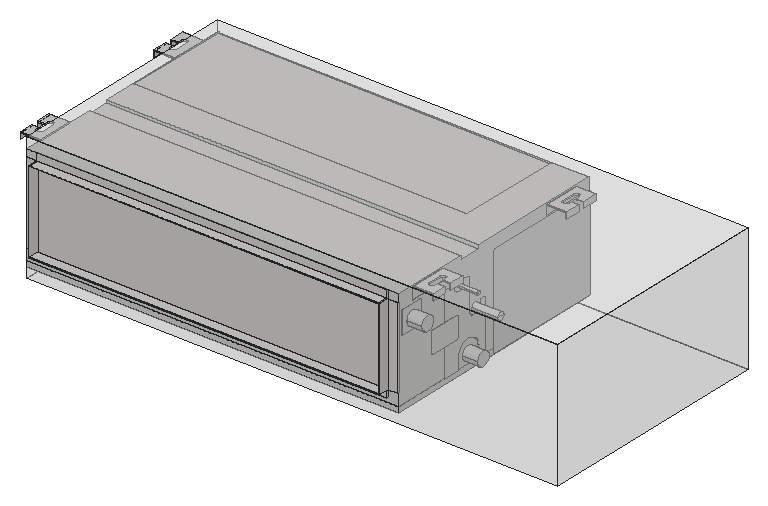
Revit family "outputfile", category 機械設備, Revit 2024
Family settings
  丸型コネクタ寸法 = 半径を使用
  パーツ タイプ = 標準
  OmniClass 番号 = 23.75.10.24.21.27.27
  OmniClass タイトル = Split System Air Conditioning Units
  作業面ベース = いいえ
  常に垂直 = はい
  ロード時にボイドで切り取り = いいえ
  注釈の向きを維持 = いいえ
  共有 = いいえ
  部屋計算ポイント = はい
Parameters (values of type "FPDQ40APV1")
  Description = ""
  書き出し IFC クラス(タイプ) = "IfcUnitaryEquipmentType"
  定義済み IFC タイプ(タイプ) = "AIRCONDITIONINGUNIT"
  Cost = 0
  Type Comments = ""
  Keynote = ""
  Type Image = (empty or 0)
  Assembly Code = ""
  w_RA Duct Size = RA Duct Size Width + 34.0 mm  # 630.0 mm
  r_HP/LP Gas Pipe Size = 4.75 mm
  lw_HP/LP Gas Pipe Size = 60.0 mm  # constant formula
  lh_HP/LP Gas Pipe Size = -103.0 mm
  ld_mountinghole = 67.5 mm  # constant formula
  ld_HP/LP Gas Pipe Size = 131.0 mm
  製造元 = "Daikin"
  モデル = "FPDQ40APV1"
  w_pipe = 33.0 mm
  r_Liquid Pipe Size = Liquid Pipe Size / 2  # 3.2 mm
  r_Gas Pipe Size = Gas Pipe Size / 2  # 6.35 mm
  r_Drain Pipe Size = Drain Pipe Size / 2  # 13.0 mm
  lw_powersupply = 49.5 mm
  lh_suctionflange [instance] = if(Rear Connection_Return Air, 100.0 mm + [h***], 190.0 mm + [h***])  # 100.0 mm
  ld_suctionflange [instance] = if(Rear Connection_Return Air, 190.0 mm, 100.0 mm)  # 190.0 mm
  ld_powersupply = 60.0 mm
  angle_vertical_RA [instance] = if(Rear Connection_Return Air, 90.00°, 0.00°)  # 90.00°
  angle horizontal_RA [instance] = if(Rear Connection_Return Air, 180.00°, 270.00°)  # 180.00°
  Voltage_comment_50Hz = "220 - 240"
  Voltage_50Hz = 230 V
  URL = ""
  Supply Air Direction [instance] = yes
  Sound Power Level_H speed (dB) = 0
  Rear Connection_Return Air [instance] = not(Bottom Connection_Return Air)  # yes
  RA_length = 190.0 mm  # constant formula
  Phase_50Hz = 1
  Minimum External Static Pressure = 10.00 Pa
  Minimum Circuit Amps_50Hz = 0.7 A
  Maximum Fuse Amps_50Hz = 16.0 A
  Maximum External Static Pressure = 30.00 Pa
  Material_Casing = DAIKIN_GalvanizedSteel_Casing_indoorunit
  lw_liquidpipe = 39.0 mm  # constant formula
  lw_gaspipe = 50.5 mm  # constant formula
  lw_mountinghole_pitch = Width + 40.0 mm  # 740.0 mm
  lw_mountinghole = 20.0 mm  # constant formula
  lw_drainpipe = 33.0 mm  # constant formula
  lh_powersupply = 20.0 mm
  lh_liquidpipe = 154.5 mm
  lh_gaspipe = 102.0 mm
  lh_mountinghole = Height + [h***]  # 200.0 mm
  lh_drainpipe = 50.0 mm
  lh_antena = 1.0 mm  # constant formula
  ld_liquidpipe = 141.0 mm
  ld_gaspipe = 178.5 mm  # constant formula
  ld_mountinghole_pitch = 315.0 mm  # constant formula
  ld_drainpipe = 422.0 mm  # constant formula
  ld_controlbox = 626.0 mm  # constant formula
  h*** = 0.0 mm  # constant formula
  d_dischargeflange = 22.2 mm  # constant formula
  Width = 700.0 mm
  Version = "ver.1.0"
  Unit Type = "Compact Ceiling Mounted Duct Type"
  Unit Mass Weight = 17.00 kg
  Unit Designation [instance] = ""
  Uniclass2015Version = "Products v1.30"
  Uniclass2015Title = "Variable refrigerant flow units"
  Uniclass2015Code = "Pr_70_65_03_94"
  Total Cooling Capacity [instance] = 0.000 kW
  Sound Pressure Level_M speed (dBA) = 31
  Sound Pressure Level_L speed (dBA) = 29
  Sound Pressure Level_H speed (dBA) = 33
  Series = "VRV HOME_Fan Coil Unit"
  Sensible Cooling Capacity [instance] = 0.000 kW
  SA Duct Size Width = 660.0 mm
  SA Duct Size Height = 153.0 mm
  Refrigerant Type = "R410A"
  RA Duct Size Width = 596.0 mm
  RA Duct Size Height = 172.0 mm
  Power Input (Cooling) = 0.093 kW
  Option Accessory 3 [instance] = ""
  Option Accessory 2 [instance] = ""
  Option Accessory 1 [instance] = ""
  Nominal Cooling Capacity = 4.500 kW
  Minimum Airflow = 540.00 m³/h
  Median Airflow = 600.00 m³/h
  Maximum Airflow = 690.00 m³/h
  Load Classification = HVAC
  Liquid Pipe Size = 6.4 mm
  Link_Nested Family [instance] = ""
  IfcVersion = ""
  IfcExportType = "AIRCONDITIONINGUNIT"
  IfcExportAs = "IfcUnitaryEquipmentType"
  Height = 200.0 mm
  Heat Exchanger Type = "Cross Fin Coil"
  Gas Pipe Size = 12.7 mm
  Frequency_50Hz = 50 Hz
  Fan Type = "Sirocco Fan"
  Fan Drive = "Direct Drive"
  FCU Tag No. [instance] = ""
  Drain Pipe Size = 26.0 mm
  Design Supply Airflow [instance] = 0.00 m³/h
  Design Return Airflow [instance] = 0.00 m³/h
  Design External Static Pressure [instance] = 0.00 Pa
  Depth = 450.0 mm
  既定の高さ = 0.0 mm
  Cooling Entering Wet Bulb Temperature [instance] = 0.00 °C
  Cooling Entering Dry Bulb Temperature [instance] = 0.00 °C
  Cooling Ambient Wet Bulb Temperature [instance] = 0.00 °C
  Cooling Ambient Dry Bulb Temperature [instance] = 0.00 °C
  Clearance visibility [instance] = yes
  Clearance Top = 20.0 mm
  Clearance Right = 300.0 mm
  Clearance Rear = 0.0 mm
  Clearance Left = 0.0 mm
  Clearance Front = 0.0 mm
  Clearance Bottom = 20.0 mm
  Bottom Connection_Return Air [instance] = no
Reference planes
  plane 1 "Center (Front/Back)": y = 0
  plane 2: z = 0
  plane 3 "Center (Left/Right)": x = 0
  plane 4 "Back": y = 225
  plane 5 "Front": y = -225
  plane 6 "Left": x = -350
  plane 7 "Right": x = 350
  plane 8 "Top": z = 0
  plane 9 "Bottom": z = -200
  plane 10: x = 325
  plane 11: x = -330
  plane 12: z = -180
  plane 13: z = -6
  plane 14: z = -22
  plane 15: z = -45.5
  plane 16: z = -98
  plane 17: x = -304
  plane 18: x = -370
  plane 19: x = 370
  plane 20: y = -157.5
  plane 21: y = 157.5
  plane 22: x = -390
  plane 23: x = 390
  plane 24: x = 389
  plane 25: x = 400.5
  plane 26: x = 383
  plane 27: z = 0
  plane 28: z = -150
  plane 29 "Clearance Left": x = -350
  plane 30 "Clearance Right": x = 650
  plane 31 "Clearance Rear": y = 225
  plane 32 "Clearance Front": y = -225
  plane 33 "Clearance Top": z = 20
  plane 34 "Clearance Bottom": z = -220
  plane 35: z = -14
  plane 36: z = -50
  plane 37: z = -96.5
  plane 38: x = -32
  plane 39: y = -46.5
  plane 40: y = -84
  plane 41: y = -30
  plane 42: y = -197
  plane 43: z = -90.5
  plane 44: y = -224
  plane 45: x = -349
  plane 46: z = -90
  plane 47: z = -30
  plane 48: y = 210
  plane 49: z = -199
  plane 50: y = 35
  plane 51: z = -101
  plane 52: x = 380
  plane 53: z = 11
  plane 54: z = 97.5
  plane 55: y = -94
Forms (mm)
  Extrusion 1, solid, material "DAIKIN_GalvanizedSteel_Casing_indoorunit" <- "Material_Casing"
    sketch origin (0, 0, 0) x (1, 0, 0) y (0, 1, 0)
      loop
        line (-350, -225) -> (350, -225) -> (350, 225) -> (-350, 225) -> (-350, -225)
    from -200 to 0
  Extrusion 2, void
    sketch origin (0, 0, 1) x (1, 0, 0) y (0, 1, 0)
      loop
        line (-350, -78) -> (350, -78) -> (350, -36) -> (-350, -36) -> (-350, -78)
    from -1 to -7
  Revolve 3, solid, material "DAIKIN_GalvanizedSteel_Casing_indoorunit" <- "Material_Casing"
    sketch origin (0, 0, -98) x (0, -1, 0) y (1, 0, 0)
      loop
        line (40.15, 350) -> (46.5, 350) -> (46.5, 400.5) -> (40.15, 400.5) -> (40.15, 350)
      axis (46.5, 350) -> (46.5, 400.5)
    angle from 0 to 360
  Revolve 4, solid, material "DAIKIN_GalvanizedSteel_Casing_indoorunit" <- "Material_Casing"
    sketch origin (0, 0, -45.5) x (0, -1, 0) y (1, 0, 0)
      loop
        line (84, 350) -> (84, 389) -> (80.8, 389) -> (80.8, 350) -> (84, 350)
      axis (84, 389) -> (84, 350)
    angle from 0 to 360
  Extrusion 5, solid, material "DAIKIN_GalvanizedSteel_Casing_indoorunit" <- "Material_Casing"
    sketch origin (350, 0, 33.75) x (0, 1, 0) y (0, 0, 1)
      loop
        circle (-197, -83.75) r 13
    from 0 to 33
  Extrusion 6, solid, material "DAIKIN_GalvanizedSteel_Casing_indoorunit" <- "Material_Casing"
    sketch origin (0, 0, 0) x (1, 0, 0) y (0, 0, 1)
      loop
        line (-350, -189.5) -> (-350, -200) -> (350, -200) -> (350, -189.5) -> (-350, -189.5)
    from 2 to 225
  Extrusion 7, solid, material "DAIKIN_GalvanizedSteel_Casing_indoorunit" <- "Material_Casing", visible <- "Bottom Connection_Return Air"
    sketch origin (0, 225, 0) x (-1, 0, 0) y (0, 0, 1)
      loop
        line (-279, -200) -> (349, -200) -> (349, -1) -> (-279, -1) -> (-279, -200)
    from -1 to 0
  Extrusion 8, void
    sketch origin (0, 225, 0) x (-1, 0, 0) y (0, 0, 1)
      loop
        line (-279, 0) -> (-279, -1) -> (349, -1) -> (349, 0) -> (-279, 0)
    from 0 to -199
  Extrusion 9, solid, material "DAIKIN_GalvanizedSteel_Casing_indoorunit" <- "Material_Casing", visible <- "Rear Connection_Return Air"
    sketch origin (0, 0, 0) x (1, 0, 0) y (0, 1, 0)
      loop
        line (-349, 225) -> (-349, 26) -> (279, 26) -> (279, 225) -> (-349, 225)
    from -200 to -199
  Extrusion 10, solid, material "DAIKIN_GalvanizedSteel_Casing_indoorunit" <- "Material_Casing"
    sketch origin (350, 0, 0) x (0, 1, 0) y (0, 0, 1)
      loop
        line (225, -22.445) -> (1.953, -22.445)
        arc (1.953, -22.445) -> (-0.169, -23.324) -> (-1.047, -25.445) r 3
        line (-1.047, -25.445) -> (-1.047, -195.005)
        arc (-1.047, -195.005) -> (-0.169, -197.126) -> (1.953, -198.005) r 3
        line (1.953, -198.005) -> (225, -198.005) -> (225, -22.445)
    from 1 to 0
  Extrusion 11, solid, material "DAIKIN_GalvanizedSteel_Casing_indoorunit" <- "Material_Casing"
    sketch origin (350, 0, 0) x (0, 1, 0) y (0, 0, 1)
      loop
        circle (-62, -170) r 13
    from 30 to 0
  Extrusion 12, solid, material "DAIKIN_GalvanizedSteel_Casing_indoorunit" <- "Material_Casing"
    sketch origin (350, 0, 0) x (0, 1, 0) y (0, 0, 1)
      loop
        line (-148.682, -97.261) -> (-148.687, -131.178)
        arc (-148.687, -131.178) -> (-147.811, -133.295) -> (-145.695, -134.172) r 2.993
        line (-145.695, -134.172) -> (-91.826, -134.18)
        arc (-91.826, -134.18) -> (-89.709, -133.304) -> (-88.832, -131.187) r 2.994
        line (-88.832, -131.187) -> (-88.832, -97.148)
        arc (-88.832, -97.148) -> (-89.749, -95.111) -> (-91.821, -94.277) r 2.992
        line (-91.821, -94.277) -> (-145.689, -94.269)
        arc (-145.689, -94.269) -> (-147.805, -95.145) -> (-148.682, -97.261) r 2.993
      loop
        line (-176, -70.949) -> (-176, -29) -> (-218, -29) -> (-218, -70.949) -> (-176, -70.949)
    from 0 to 3
  Extrusion 13, solid, material "DAIKIN_GalvanizedSteel_Casing_indoorunit" <- "Material_Casing"
    sketch origin (350, 0, 0) x (0, 1, 0) y (0, 0, 1)
      loop
        line (-37.558, -189.537) -> (-21.994, -189.537) -> (-21.994, -94.768)
        arc (-21.994, -94.768) -> (-22.579, -93.358) -> (-23.989, -92.773) r 1.995
        line (-23.989, -92.773) -> (-30.037, -92.773)
        arc (-30.037, -92.773) -> (-31.448, -93.358) -> (-32.032, -94.768) r 1.995
        line (-32.032, -94.768) -> (-32.032, -98)
        arc (-32.032, -98) -> (-46.255, -112.466) -> (-60.959, -98.49) r 14.468
        line (-60.959, -98.49) -> (-60.959, -42.953)
        arc (-60.959, -42.953) -> (-61.685, -41.568) -> (-63.124, -40.958) r 2.32
        line (-63.124, -40.958) -> (-69.828, -40.958)
        arc (-69.828, -40.958) -> (-71.239, -41.542) -> (-71.823, -42.953) r 1.995
        line (-71.823, -42.953) -> (-71.823, -45.946)
        arc (-71.823, -45.946) -> (-83.794, -57.917) -> (-95.765, -45.946) r 11.971
        line (-95.765, -45.946) -> (-95.765, -42.953)
        arc (-95.765, -42.953) -> (-96.349, -41.542) -> (-97.76, -40.958) r 1.995
        line (-97.76, -40.958) -> (-114.828, -40.958)
        arc (-114.828, -40.958) -> (-116.239, -41.542) -> (-116.823, -42.953) r 1.995
        line (-116.823, -42.953) -> (-116.823, -94.273) -> (-91.821, -94.277)
        arc (-91.821, -94.277) -> (-89.749, -95.111) -> (-88.832, -97.148) r 2.992
        line (-88.832, -97.148) -> (-88.832, -131.186)
        arc (-88.832, -131.186) -> (-89.709, -133.303) -> (-91.826, -134.18) r 2.994
        line (-91.826, -134.18) -> (-116.823, -134.176) -> (-116.823, -189.537) -> (-86.438, -189.537) -> (-86.438, -169.501)
        arc (-86.438, -169.501) -> (-61.998, -145.061) -> (-37.558, -169.501) r 24.44
        line (-37.558, -169.501) -> (-37.558, -189.537)
    from 0 to 1
  Extrusion 14, solid, material "DAIKIN_GalvanizedSteel_Casing_indoorunit" <- "Material_Casing"
    sketch origin (-350, 0, 0) x (0, 1, 0) y (0, 0, 1)
      loop
        line (72.017, -134.38) -> (151.983, -134.38) -> (151.983, -85.62) -> (72.017, -85.62) -> (72.017, -134.38)
    from 0 to -1
  Extrusion 15, solid, material "DAIKIN_GalvanizedSteel_Casing_indoorunit" <- "Material_Casing"
    sketch origin (-350, 0, 0) x (0, 1, 0) y (0, 0, 1)
      loop
        circle (112, -110) r 20.479
    from 0 to -7
  Extrusion 16, solid, material "DAIKIN_GalvanizedSteel_Casing_indoorunit" <- "Material_Casing"
    sketch origin (-350, 0, 0) x (0, 1, 0) y (0, 0, 1)
      loop
        circle (112, -110) r 17.066
    from 0 to -9
  Extrusion 17, solid, material "DAIKIN_GalvanizedSteel_Casing_indoorunit" <- "Material_Casing"
    sketch origin (-350, 0, 0) x (0, 1, 0) y (0, 0, 1)
      loop
        circle (112, -110) r 7.5
    from 0 to -22.5
Cuts and joins
  Extrusion 2, Extrusion 8 cuts Extrusion 1
  Extrusion 8 cuts Extrusion 6
  joined: Extrusion 14, Extrusion 15, Extrusion 16, Extrusion 17
Dimensions and locks
  "lh_powersupply": plane 12 to plane 9 "Bottom"
  locked: plane 8 "Top" to plane 13 at 6
  "Height": plane 8 "Top" to plane 9 "Bottom"
  locked: plane 17 to plane 3 "Center (Left/Right)" at 304
  equal spacing: plane 18, plane 3 "Center (Left/Right)", plane 19
  "lw_mountinghole_pitch": plane 18 to plane 19
  locked: plane 14 to plane 9 "Bottom" at 178
  "lw_mountinghole": plane 22 to plane 18
  "lh_liquidpipe": plane 15 to plane 9 "Bottom"
  "lh_gaspipe": plane 16 to plane 9 "Bottom"
  "lh_mountinghole": plane 27 to plane 9 "Bottom"
  "ld_mountinghole_pitch": plane 21 to plane 20
  equal spacing: plane 6 "Left", plane 3 "Center (Left/Right)", plane 7 "Right"
  "Width": plane 6 "Left" to plane 7 "Right"
  "lh_drainpipe": plane 28 to plane 9 "Bottom"
  "Clearance Right": plane 7 "Right" to plane 30 "Clearance Right"
  "Clearance Left": plane 29 "Clearance Left" to plane 6 "Left"
  "lw_gaspipe": plane 7 "Right" to plane 25
  "lw_liquidpipe": plane 7 "Right" to plane 24
  "lw_drainpipe": plane 7 "Right" to plane 26
  "Clearance Rear": plane 31 "Clearance Rear" to plane 4 "Back"
  "Clearance Front": plane 5 "Front" to plane 32 "Clearance Front"
  "Clearance Top": plane 33 "Clearance Top" to plane 8 "Top"
  "Clearance Bottom": plane 9 "Bottom" to plane 34 "Clearance Bottom"
  plane 8 "Top" to plane 35 = 14.0 mm
  "lh_drainpipe": plane 8 "Top" to plane 36
  locked: plane 37 to plane 9 "Bottom" at 103.5
  locked: plane 35 to plane 43 at 76.5
  "Depth": plane 4 "Back" to plane 5 "Front"
  equal spacing: plane 4 "Back", plane 1 "Center (Front/Back)", plane 5 "Front"
  locked: plane 44 to plane 5 "Front" at 1
  locked: plane 45 to plane 6 "Left" at 1
  Extrusion 7 sketch curve to Extrusion 7 sketch curve = 199.0 mm
  nested 12 to plane 38 = 298.0 mm
  locked: plane 12 to plane 46 at 90
  plane 31 "Clearance Rear" to Extrusion 7 = 0.0 mm
  locked: plane 47 to plane 34 "Clearance Bottom" at 190
  plane 48 to nested 13 = 1.0 mm
  locked: plane 49 to plane 9 "Bottom" at 1
  "ld_suctionflange": plane 4 "Back" to plane 50
  locked: plane 51 to plane 9 "Bottom" at 99
  locked: plane 52 to plane 7 "Right" at 30
  "r_Gas Pipe Size": Revolve 3 sketch curve to Revolve 3 sketch curve
  "ld_gaspipe": plane 39 to plane 5 "Front"
  "r_Liquid Pipe Size": Revolve 4 sketch curve to plane 40
  "ld_liquidpipe": plane 40 to plane 5 "Front"
  "ld_drainpipe": plane 4 "Back" to plane 42
  "ld_HP/LP Gas Pipe Size": plane 55 to plane 5 "Front"
  plane 8 "Top" to plane 15 = 45.5 mm
  Extrusion 2 sketch curve to plane 5 "Front" = 189.0 mm
  "lw_powersupply": nested 11 to plane 7 "Right"
  plane 4 "Back" to nested 11 = 60.0 mm
  locked: plane 7 "Right" to Extrusion 8 sketch curve at 71
  locked: plane 7 "Right" to Extrusion 7 sketch curve at 71
  "ld_mountinghole": plane 20 to plane 5 "Front"
  locked: Extrusion 6 sketch curve to plane 9 "Bottom" at 10.5
  "ld_gaspipe": Revolve 3 sketch curve to plane 5 "Front"
  plane 8 "Top" to Extrusion 12 sketch curve to Extrusion 12 sketch curve = 29.0 mm locked, 41.949 mm locked
  plane 5 "Front" to Extrusion 12 sketch curve to Extrusion 12 sketch curve = 7.0 mm locked, 42.0 mm locked
  "r_Drain Pipe Size": radius of Extrusion 5 sketch curve
  aligned and locked: level to plane 2
  aligned and locked: Extrusion 1 to plane 9 "Bottom"
  aligned and locked: plane 8 "Top" to Extrusion 1
  aligned and locked: Revolve 3 sketch curve to Revolve 3 sketch curve
  aligned and locked: plane 24 to nested 6
  aligned and locked: nested 6 to plane 15
  aligned and locked: nested 2 to plane 21
  aligned and locked: plane 19 to nested 2
  aligned and locked: plane 19 to nested 3
  aligned and locked: plane 18 to nested 4
  aligned and locked: plane 21 to nested 5
  aligned and locked: nested 5 to plane 21
  aligned and locked: plane 18 to nested 5
  aligned and locked: plane 8 "Top" to nested 1
  aligned and locked: Extrusion 6 to plane 5 "Front"
  aligned and locked: Extrusion 6 to plane 9 "Bottom"
  aligned and locked: nested 7 to plane 16
  aligned and locked: plane 39 to nested 7
  aligned and locked: plane 40 to nested 6
  aligned and locked: Extrusion 5 sketch curve to plane 42
  aligned and locked: nested 12 to plane 45
  aligned and locked: plane 4 "Back" to Extrusion 8
  aligned and locked: plane 8 "Top" to Extrusion 2
  aligned and locked: Extrusion 7 to cut or joined group of Extrusion 1, Extrusion 2, Extrusion 8
  aligned and locked: plane 9 "Bottom" to Extrusion 9  (x2)
  aligned and locked: Extrusion 9 to plane 49
  aligned and locked: plane 4 "Back" to nested 12
  aligned and locked: Extrusion 8 to level
  aligned and locked: plane 30 "Clearance Right" to nested 14
  aligned and locked: plane 29 "Clearance Left" to nested 14
  aligned and locked: nested 14 to plane 32 "Clearance Front"
  aligned and locked: nested 14 to plane 33 "Clearance Top"
  aligned and locked: nested 14 to plane 34 "Clearance Bottom"
  aligned and locked: plane 7 "Right" to Extrusion 10
  aligned and locked: Extrusion 2 to plane 13
  aligned and locked: nested 8 to plane 36
  aligned and locked: nested 10 to plane 1 "Center (Front/Back)"
  aligned and locked: plane 45 to Extrusion 7
  aligned and locked: nested 12 to plane 49
  aligned and locked: plane 3 "Center (Left/Right)" to nested 10
  aligned and locked: plane 43 to nested 9
  aligned and locked: level to plane 8 "Top"
  aligned and locked: plane 3 "Center (Left/Right)" to nested 1
  aligned and locked: Extrusion 1 sketch curve to plane 5 "Front"
  aligned and locked: plane 3 "Center (Left/Right)" to nested 16
  aligned and locked: plane 5 "Front" to nested 16
  aligned and locked: nested 9 to plane 5 "Front"
  aligned and locked: plane 40 to Revolve 4 sketch curve  (x2)
  aligned and locked: plane 7 "Right" to nested 7
  aligned and locked: Extrusion 9 sketch curve to cut or joined group of Extrusion 1, Extrusion 2, Extrusion 8
  aligned and locked: plane 45 to nested 13
  aligned and locked: plane 7 "Right" to nested 8
  aligned and locked: plane 42 to nested 8
  aligned and locked: cut or joined group of Extrusion 1, Extrusion 2, Extrusion 8 to Extrusion 9 sketch curve
  aligned and locked: plane 1 "Center (Front/Back)" to nested 1
  aligned and locked: nested 4 to plane 20
  aligned and locked: nested 3 to plane 20
  aligned and locked: nested 16 to plane 35
  aligned and locked: nested 13 to Extrusion 7
  aligned and locked: plane 38 to nested 15
  aligned and locked: nested 15 to plane 50
  aligned and locked: plane 4 "Back" to nested 11
  aligned and locked: plane 12 to nested 11
  aligned and locked: plane 7 "Right" to Revolve 4 sketch curve
  aligned and locked: plane 7 "Right" to Revolve 3 sketch curve
  aligned and locked: Revolve 3 sketch curve to nested 7
  aligned and locked: Extrusion 6 sketch curve to plane 9 "Bottom"
  aligned and locked: plane 31 "Clearance Rear" to nested 14
Automatic sketch dimensions
  Extrusion 1 sketch curve to plane 4 "Back" = 0.0 mm
  Extrusion 1 sketch curve to plane 6 "Left" = 0.0 mm
  Extrusion 1 sketch curve to plane 7 "Right" = 0.0 mm
  Extrusion 2 sketch curve to plane 6 "Left" = 0.0 mm
  Extrusion 2 sketch curve to plane 7 "Right" = 0.0 mm
  Revolve 3 sketch curve to plane 38 = 57.997 mm
  plane 24 to Revolve 3 sketch curve = 1.003 mm
  Revolve 4 sketch curve to plane 24 = 0.0 mm  (x2)
  Revolve 4 sketch curve to Revolve 4 sketch curve = 1.0 mm
  Extrusion 6 sketch curve to plane 6 "Left" = 0.0 mm
  Extrusion 6 sketch curve to plane 7 "Right" = 0.0 mm
  Extrusion 9 sketch curve to plane 45 = 0.0 mm
  Extrusion 9 sketch curve to plane 4 "Back" = 0.0 mm
  Extrusion 10 sketch curve to plane 4 "Back" = 0.0 mm
  plane 49 to Extrusion 10 sketch curve = 0.995 mm
  Extrusion 10 sketch curve to plane 50 = 33.047 mm  (x2)
  Extrusion 10 sketch curve to plane 14 = 3.445 mm
  Extrusion 10 sketch curve to Extrusion 10 sketch curve = 3.0 mm
  plane 36 to Extrusion 5 sketch curve = 0.0 mm
  Extrusion 7 sketch curve to plane 9 "Bottom" = 0.0 mm
  Extrusion 7 sketch curve to plane 45 = 0.0 mm
  Extrusion 8 sketch curve to level = 0.0 mm
  Extrusion 8 sketch curve to plane 45 = 0.0 mm
  Extrusion 8 sketch curve to Extrusion 8 sketch curve = 1.0 mm
  plane 20 to Extrusion 12 sketch curve = 8.813 mm
  Extrusion 12 sketch curve to plane 37 = 0.761 mm
  plane 20 to Extrusion 12 sketch curve = 8.818 mm
  Extrusion 12 sketch curve to Extrusion 12 sketch curve = 2.992 mm
  Extrusion 12 sketch curve to Extrusion 12 sketch curve = 2.993 mm  (x2)
  Extrusion 12 sketch curve to plane 37 = 0.762 mm
  plane 37 to Extrusion 12 sketch curve = 2.231 mm
  plane 55 to Extrusion 12 sketch curve = 2.174 mm
  plane 55 to Extrusion 12 sketch curve = 2.175 mm
  Extrusion 12 sketch curve to plane 37 = 0.77 mm
  plane 55 to Extrusion 12 sketch curve = 2.179 mm  (x2)
  Extrusion 12 sketch curve to plane 37 = 0.648 mm
  Extrusion 12 sketch curve to Extrusion 12 sketch curve = 2.99 mm
  plane 28 to Extrusion 12 sketch curve = 18.822 mm
  Extrusion 12 sketch curve to Extrusion 12 sketch curve = 0.0 mm
  plane 28 to Extrusion 12 sketch curve = 18.814 mm
  Extrusion 12 sketch curve to Extrusion 12 sketch curve = 0.001 mm
  Extrusion 11 sketch curve to plane 39 = 15.5 mm
  plane 12 to Extrusion 11 sketch curve = 10.0 mm
  Extrusion 13 sketch curve to plane 16 = 0.0 mm
  Extrusion 13 sketch curve to plane 39 = 0.0 mm
  plane 15 to Extrusion 13 sketch curve = 2.547 mm
  Extrusion 13 sketch curve to plane 39 = 14.459 mm
  Extrusion 13 sketch curve to plane 39 = 15.498 mm
  Extrusion 13 sketch curve to Extrusion 13 sketch curve = 2.165 mm
  Extrusion 13 sketch curve to Extrusion 13 sketch curve = 2.297 mm
  Extrusion 13 sketch curve to Extrusion 13 sketch curve = 6.704 mm
  Extrusion 13 sketch curve to plane 15 = 0.446 mm
  Extrusion 13 sketch curve to Extrusion 13 sketch curve = 1.995 mm  (x2)
  plane 40 to Extrusion 13 sketch curve = 0.206 mm
  Extrusion 13 sketch curve to plane 40 = 2.438 mm
  Extrusion 13 sketch curve to plane 37 = 0.648 mm
  Extrusion 13 sketch curve to plane 40 = 4.832 mm
  plane 55 to Extrusion 13 sketch curve = 2.179 mm  (x2)
  plane 16 to Extrusion 13 sketch curve = 0.73 mm
  plane 55 to Extrusion 13 sketch curve = 2.175 mm
  plane 55 to Extrusion 13 sketch curve = 2.174 mm
  plane 15 to Extrusion 13 sketch curve = 4.542 mm
  Extrusion 13 sketch curve to Extrusion 13 sketch curve = 17.068 mm
  plane 37 to Extrusion 13 sketch curve = 2.227 mm
  Extrusion 13 sketch curve to plane 55 = 22.823 mm  (x2)
  plane 37 to Extrusion 13 sketch curve = 1.732 mm  (x2)
  Extrusion 13 sketch curve to Extrusion 13 sketch curve = 14.468 mm
  Extrusion 13 sketch curve to plane 41 = 0.037 mm
  plane 41 to Extrusion 13 sketch curve = 6.011 mm
  plane 28 to Extrusion 13 sketch curve = 18.814 mm
  plane 28 to Extrusion 13 sketch curve = 15.824 mm
  plane 12 to Extrusion 13 sketch curve = 10.499 mm
  plane 49 to Extrusion 13 sketch curve = 9.463 mm  (x2)
  plane 15 to Extrusion 13 sketch curve = 2.226 mm
  plane 40 to Extrusion 2 sketch curve = 6.0 mm
  plane 46 to Extrusion 14 sketch curve = 4.38 mm
  plane 50 to Extrusion 14 sketch curve = 37.017 mm
  Extrusion 14 sketch curve to plane 21 = 5.517 mm
  plane 28 to Extrusion 14 sketch curve = 15.62 mm
  Extrusion 15 sketch curve to plane 51 = 9.0 mm
  Extrusion 15 sketch curve to plane 21 = 45.5 mm
  Extrusion 16 sketch curve to plane 51 = 9.0 mm
  Extrusion 16 sketch curve to plane 21 = 45.5 mm
  Extrusion 17 sketch curve to plane 51 = 9.0 mm
  Extrusion 17 sketch curve to plane 21 = 45.5 mm
  radius of Extrusion 11 sketch curve = 13.0 mm
  radius of Extrusion 15 sketch curve = 20.479 mm
  radius of Extrusion 16 sketch curve = 17.066 mm
  radius of Extrusion 17 sketch curve = 7.5 mm
Nested families
  nested 1: "daikin_hangerfixture_FPDQ-APV1" at (0, 0, 0), type "daikin_hangerfixture_FPDQ-APV1"
  nested 2: "daikin_mountinghole" at (370, 157.5, -200), l_antenna <- "lh_antena", Link_Nested Family <- "Link_Nested Family", h_mountinghole <- "lh_mountinghole", type "daikin_mountinghole"
    with show yes, l_antenna 1.0 mm, h_mountinghole 200.0 mm, Link_Nested Family ""
  nested 3: "daikin_mountinghole" at (370, -157.5, -200), Link_Nested Family <- "Link_Nested Family", l_antenna <- "lh_antena", h_mountinghole <- "lh_mountinghole", type "daikin_mountinghole"
    with show yes, l_antenna 1.0 mm, h_mountinghole 200.0 mm, Link_Nested Family ""
  nested 4: "daikin_mountinghole" at (-370, -157.5, -200), l_antenna <- "lh_antena", Link_Nested Family <- "Link_Nested Family", h_mountinghole <- "lh_mountinghole", type "daikin_mountinghole"
    with show yes, l_antenna 1.0 mm, h_mountinghole 200.0 mm, Link_Nested Family ""
  nested 5: "daikin_mountinghole" at (-370, 157.5, -200), l_antenna <- "lh_antena", Link_Nested Family <- "Link_Nested Family", h_mountinghole <- "lh_mountinghole", type "daikin_mountinghole"
    with show yes, l_antenna 1.0 mm, h_mountinghole 200.0 mm, Link_Nested Family ""
  nested 6: "daikin_connector_rotate2" at (350, -84, -45.5) x (0, 1, 0) z (0, 0, 1), length <- "lw_liquidpipe", built-in parameter 1001364 <- "lh_liquidpipe", radius <- "r_Liquid Pipe Size", type "daikin_connector_rotate2"
    with radius 3.2 mm, length 39.0 mm, angle_vertical 90.00°
  nested 7: "daikin_connector_rotate2" at (350, -46.5, -98) x (0, 1, 0) z (0, 0, 1), length <- "lw_gaspipe", built-in parameter 1001364 <- "lh_gaspipe", radius <- "r_Gas Pipe Size", type "daikin_connector_rotate2"
    with radius 6.35 mm, length 50.5 mm, angle_vertical 90.00°
  nested 8: "daikin_connector_rotate2" at (350, -197, -50) x (0, 1, 0) z (0, 0, 1), built-in parameter 1001364 <- "lh_drainpipe", radius <- "r_Drain Pipe Size", length <- "lw_drainpipe", type "daikin_connector_rotate2"
    with radius 13.0 mm, length 33.0 mm, angle_vertical 90.00°
  nested 9: "daikin_connector_rotate2" at (0, -225, -90.5), length <- "d_dischargeflange", type "daikin_connector_rotate2"
    with radius 10.0 mm, length 22.2 mm, angle_vertical 90.00°
  nested 10: "daikin_△_symbolicline" at (-75, -129.904, 200) x (-0.5, 0.866, 0) z (0, 0, 1), built-in parameter 1001364 <- "Height", visible <- "Supply Air Direction", type "daikin_△_symbolicline"
    with length 300.0 mm
  nested 11: "daikin_connector_rotate2" at (300.5, 165, -180) x (-1, 0, 0) z (0, 0, 1), type "daikin_connector_rotate2"
    with radius 10.0 mm, length 60.0 mm, angle_vertical 90.00°
  nested 12: "daikin_ductflange_FPDQ-APV1_2" at (-35, 225, -100), material <- "Material_Casing", visible <- "Rear Connection_Return Air", height <- "RA Duct Size Height", width <- "w_RA Duct Size", type "daikin_ductflange_FPDQ-APV1_2"
    with width 630.0 mm, material DAIKIN_GalvanizedSteel_Casing_indoorunit, height 172.0 mm, depth 21.2 mm
  nested 13: "daikin_ductflange_FPDQ-APV1_2" at (-35, 125, -200) x (1, 0, 0) z (0, 1, 0), material <- "Material_Casing", visible <- "Bottom Connection_Return Air", width <- "w_RA Duct Size", height <- "RA Duct Size Height", type "daikin_ductflange_FPDQ-APV1_2"
    with width 630.0 mm, material DAIKIN_GalvanizedSteel_Casing_indoorunit, height 172.0 mm, depth 21.0 mm
  nested 14: "daikin_clearancespace" at (150, 0, -99.881), visible <- "Clearance visibility", show <- "Clearance visibility", Link_Nested Family <- "Link_Nested Family", type "daikin_clearancespace"
    with width 1000.0 mm, show yes, height 240.0 mm, depth 450.0 mm, Link_Nested Family ""
  nested 15: "daikin_connector_rotate3" at (-32, 35, -100), built-in parameter 1001364 <- "lh_suctionflange", angle_vertical <- "angle_vertical_RA", angle_horizontal <- "angle horizontal_RA", length <- "RA_length", type "daikin_connector_rotate3"
    with show no, radius 10.0 mm, length 190.0 mm, angle_vertical 90.00°, angle_horizontal 180.00°
  nested 16: "daikin_ductflange_FPDQ-APV1_1" at (0, 88.5, -357.201), width <- "SA Duct Size Width", type "daikin_ductflange_FPDQ-APV1_1"
    with width 660.0 mm, material DAIKIN_GalvanizedSteel_Casing_indoorunit, height 155.0 mm, depth 20.0 mm
Connectors
  piping at (400.5, -46.5, -98), diameter 12.7, driven by "r_Gas Pipe Size"
    settings: on nested 7, index 1, connector inside diameter 609.6 mm, connector length 0.0 mm, flow factor 0, pipe flow 0.00 m³/h, pressure drop 0.0 Pa, fitting loss kfactor 0, connector angle 0.00°, fixture units 0, engagement length 0.0 mm, angle of deflection 0.00°, flow configuration 1, flow direction 2, fitting loss method 0, system type 29, joint type 0, gender type 0, connector reference index -1, connector utility 0, adjustable connector no, is connector primary yes, connector description "Refrigerant Gas Piping"
  piping at (389, -84, -45.5), diameter 6.4, driven by "r_Liquid Pipe Size"
    settings: on nested 6, index 2, connector inside diameter 609.6 mm, connector length 0.0 mm, flow factor 0, pipe flow 0.00 m³/h, pressure drop 0.0 Pa, fitting loss kfactor 0, connector angle 0.00°, fixture units 0, engagement length 0.0 mm, angle of deflection 0.00°, flow configuration 1, flow direction 1, fitting loss method 0, system type 29, joint type 0, gender type 0, connector reference index -1, connector utility 0, adjustable connector no, is connector primary no, connector description "Refrigerant Liquid Piping"
  piping at (383, -197, -50), diameter 26, driven by "r_Drain Pipe Size"
    settings: on nested 8, index 3, connector inside diameter 609.6 mm, connector length 0.0 mm, flow factor 0, pipe flow 0.00 m³/h, pressure drop 0.0 Pa, fitting loss kfactor 0, connector angle 0.00°, fixture units 0, engagement length 0.0 mm, angle of deflection 0.00°, flow configuration 1, flow direction 2, fitting loss method 4, system type 16, joint type 0, gender type 0, connector reference index -1, connector utility 0, adjustable connector no, is connector primary no, connector description "Condensate Drain Piping"
  electrical at (300.5, 225, -180), driven by "Load Classification"
    settings: on nested 11, index 9, voltage 0 V, apparent load 0 VA, apparent load phase1 0 VA, apparent load phase2 0 VA, apparent load phase3 0 VA, power factor 1, load classification "HVAC", number of poles 1, system type 30, power factor state 1, is connector primary yes, connector utility no, sub classification motor no, connector description "Power Supply"
  hvac at (0, -247.2, -90.5), driven by "SA Duct Size Height", driven by "SA Duct Size Width"
    settings: on nested 9, index 11, duct flow 0.00 m³/h, flow factor 0, pres drop 0.00 Pa, loss coef 0, conn angle 0.00°, conn width 660.0 mm, conn height 153.0 mm, conn diameter 609.6 mm, duct sys type 1, conn prof type 1, flow config 0, flow direction 2, loss method 4, conn ref index -1, conn util no, is conn primary yes, conn desc "SA Duct"
  hvac at (-32, 225, -100), driven by "RA Duct Size Height", driven by "RA Duct Size Width"
    settings: on nested 15, index 12, duct flow 0.00 m³/h, flow factor 0, pres drop 0.00 Pa, loss coef 0, conn angle 0.00°, conn width 596.0 mm, conn height 172.0 mm, conn diameter 609.6 mm, duct sys type 2, conn prof type 1, flow config 0, flow direction 1, loss method 4, conn ref index -1, conn util no, is conn primary no, conn desc "RA Duct"
  piping at (400.5, -46.5, -98), diameter 12.7, driven by "r_Gas Pipe Size"
    settings: on nested 7, index 13, connector inside diameter 609.6 mm, connector length 0.0 mm, flow factor 0, pipe flow 0.00 m³/h, pressure drop 0.0 Pa, fitting loss kfactor 0, connector angle 0.00°, fixture units 0, engagement length 0.0 mm, angle of deflection 0.00°, flow configuration 1, flow direction 2, fitting loss method 0, system type 29, joint type 0, gender type 0, connector reference index -1, connector utility 0, adjustable connector no, is connector primary no, connector description "Refrigerant Gas Piping"
Definition of nested family "daikin_hangerfixture_FPDQ-APV1"
  Parameters (values of type "daikin_hangerfixture_FPRQ-APVM")
    width = 700.0 mm
    material = none
    height = 65.0 mm
    depth = 620.0 mm
    Default Elevation = 0.0 mm
  Reference planes
    plane 1 "Center (Front/Back)": y = 0
    plane 2: z = 0
    plane 3 "Center (Left/Right)": x = 0
    plane 4: x = 350
    plane 5: y = 310
    plane 6: y = -310
    plane 7: x = -350
  Forms (mm)
    Extrusion 1, solid, material <- "material"
      sketch origin (0, 0, 0) x (1, 0, 0) y (0, 0, 1)
        loop
          line (350, 0) -> (350, -24.477) -> (351.56, -22.917) -> (351.56, -1.56) -> (387.944, -1.56) -> (387.944, -11.312) -> (389.504, -11.312) -> (389.504, 0) -> (350, 0)
      from -310 to 310
    Extrusion 2, void
      sketch origin (0, 0, 0) x (0, 1, 0) y (0, 0, 1)
        loop
          line (310, -30) -> (310, -17.979) -> (87.935, -17.979) -> (75.914, -30) -> (310, -30)
      from 0 to 618
    Extrusion 3, void
      sketch origin (0, 0, 0) x (1, 0, 0) y (0, 1, 0)
        loop
          line (389.5, 163.755) -> (375.851, 163.755) -> (375.851, 169.607)
          arc (375.851, 169.607) -> (370, 175.458) -> (364.149, 169.607) r 5.851
          line (364.149, 169.607) -> (364.149, 145.227)
          arc (364.149, 145.227) -> (370, 139.376) -> (375.851, 145.227) r 5.851
          line (375.851, 145.227) -> (375.851, 151.078) -> (389.5, 151.078) -> (389.5, 163.755)
        loop
          line (389.5, -151.161) -> (375.851, -151.161) -> (375.851, -145.31)
          arc (375.851, -145.31) -> (370, -139.459) -> (364.149, -145.31) r 5.851
          line (364.149, -145.31) -> (364.149, -169.69)
          arc (364.149, -169.69) -> (370, -175.541) -> (375.851, -169.69) r 5.851
          line (375.851, -169.69) -> (375.851, -163.839) -> (389.5, -163.839) -> (389.5, -151.161)
        loop
          line (350, 310) -> (350, 191.548) -> (389.504, 191.548) -> (389.504, 310) -> (350, 310)
        loop
          line (350, 123.285) -> (350, -123.368) -> (389.504, -123.368) -> (389.504, 123.285) -> (350, 123.285)
        loop
          line (350, -191.632) -> (350, -310) -> (389.504, -310) -> (389.504, -191.632) -> (350, -191.632)
      from -254.96 to 618
    Extrusion 4, solid, material <- "material"
      sketch origin (0, 0, 0) x (-1, 0, 0) y (0, 0, -1)
        loop
          line (350, 0) -> (389.504, 0) -> (389.504, 11.312) -> (387.944, 11.312) -> (387.944, 1.56) -> (351.56, 1.56) -> (351.56, 22.917) -> (350, 24.477) -> (350, 0)
      from -310 to 310
    Extrusion 5, void
      sketch origin (0, 0, 0) x (-1, 0, 0) y (0, -1, 0)
        loop
          line (389.5, -151.161) -> (375.851, -151.161) -> (375.851, -145.31)
          arc (375.851, -145.31) -> (370, -139.459) -> (364.149, -145.31) r 5.851
          line (364.149, -145.31) -> (364.149, -169.69)
          arc (364.149, -169.69) -> (370, -175.541) -> (375.851, -169.69) r 5.851
          line (375.851, -169.69) -> (375.851, -163.839) -> (389.5, -163.839) -> (389.5, -151.161)
        loop
          line (389.5, 163.839) -> (375.851, 163.839) -> (375.851, 169.69)
          arc (375.851, 169.69) -> (370, 175.541) -> (364.149, 169.69) r 5.851
          line (364.149, 169.69) -> (364.149, 145.31)
          arc (364.149, 145.31) -> (370, 139.459) -> (375.851, 145.31) r 5.851
          line (375.851, 145.31) -> (375.851, 151.161) -> (389.5, 151.161) -> (389.5, 163.839)
        loop
          line (389.504, 191.632) -> (389.504, 310) -> (350, 310) -> (350, 191.632) -> (389.504, 191.632)
        loop
          line (389.504, 123.368) -> (350, 123.368) -> (350, -123.368) -> (389.504, -123.368) -> (389.504, 123.368)
        loop
          line (389.504, -191.632) -> (350, -191.632) -> (350, -310) -> (389.504, -310) -> (389.504, -191.632)
      from -254.96 to 618
  Cuts and joins
    Extrusion 2, Extrusion 3, Extrusion 5 cuts Extrusion 1
    Extrusion 5 cuts Extrusion 4
  Dimensions and locks
    equal spacing: plane 5, plane 1 "Center (Front/Back)", plane 6
    "depth": plane 5 to plane 6
    plane 6 to plane 1 "Center (Front/Back)" to plane 5 = 310.0 mm, 310.0 mm
    locked: Extrusion 1 sketch curve to plane 4 at 1.56
    locked: level to Extrusion 1 sketch curve at 1.56
    locked: Extrusion 1 sketch curve to plane 4 at 39.504
    locked: level to Extrusion 1 sketch curve at 11.312
    locked: Extrusion 1 sketch curve to Extrusion 1 sketch curve at 1.56
    locked: level to Extrusion 1 sketch curve at 24.477
    equal spacing: plane 7, plane 3 "Center (Left/Right)", plane 4
    "width": plane 7 to plane 4
    locked: plane 7 to Extrusion 4 sketch curve at 1.56
    locked: level to Extrusion 4 sketch curve at 11.312
    locked: plane 7 to Extrusion 4 sketch curve at 39.504
    locked: Extrusion 4 sketch curve to Extrusion 4 sketch curve at 1.56
    locked: plane 2 to Extrusion 4 sketch curve at 1.56
    locked: plane 2 to Extrusion 4 sketch curve at 24.477
    aligned and locked: level to plane 2
    aligned and locked: plane 5 to Extrusion 1
    aligned and locked: Extrusion 1 to plane 6
    aligned and locked: Extrusion 1 to plane 4
    aligned and locked: plane 5 to cut or joined group of Extrusion 1, Extrusion 2, Extrusion 3, Extrusion 5
    aligned and locked: cut or joined group of Extrusion 1, Extrusion 2, Extrusion 3, Extrusion 5 to plane 6
    aligned and locked: level to cut or joined group of Extrusion 1, Extrusion 2, Extrusion 3, Extrusion 5
    aligned and locked: plane 5 to cut or joined group of Extrusion 4, Extrusion 5
    aligned and locked: cut or joined group of Extrusion 4, Extrusion 5 to plane 6
    aligned and locked: Extrusion 1 sketch curve to level
    aligned and locked: Extrusion 4 sketch curve to plane 7
    aligned and locked: plane 2 to Extrusion 4 sketch curve
  Automatic sketch dimensions
    Extrusion 2 sketch curve to plane 5 = 0.0 mm
    Extrusion 2 sketch curve to level = 17.979 mm
    Extrusion 2 sketch curve to plane 1 "Center (Front/Back)" = 87.935 mm
    Extrusion 2 sketch curve to level = 30.0 mm
    Extrusion 2 sketch curve to Extrusion 2 sketch curve = 12.021 mm
    Extrusion 1 sketch curve to plane 4 = 0.0 mm
    Extrusion 1 sketch curve to Extrusion 1 sketch curve = 1.56 mm
    Extrusion 4 sketch curve to Extrusion 4 sketch curve = 1.56 mm
    Extrusion 3 sketch curve to plane 4 = 0.0 mm  (x3)
    Extrusion 3 sketch curve to plane 5 = 0.0 mm
    Extrusion 3 sketch curve to plane 6 = 0.0 mm
    plane 4 to Extrusion 3 sketch curve = 14.149 mm  (x2)
    Extrusion 3 sketch curve to Extrusion 3 sketch curve = 5.851 mm  (x8)
    Extrusion 3 sketch curve to Extrusion 3 sketch curve = 13.649 mm  (x2)
    Extrusion 3 sketch curve to Extrusion 3 sketch curve = 13.653 mm  (x3)
    plane 6 to Extrusion 3 sketch curve = 118.368 mm
    Extrusion 3 sketch curve to Extrusion 3 sketch curve = 21.942 mm  (x4)
    Extrusion 3 sketch curve to Extrusion 3 sketch curve = 12.678 mm  (x2)
    Extrusion 3 sketch curve to plane 1 "Center (Front/Back)" = 123.285 mm
    Extrusion 5 sketch curve to plane 5 = 0.0 mm
    Extrusion 5 sketch curve to plane 7 = 0.0 mm  (x3)
    Extrusion 5 sketch curve to plane 6 = 0.0 mm
    Extrusion 5 sketch curve to plane 7 = 14.149 mm  (x2)
    Extrusion 5 sketch curve to Extrusion 5 sketch curve = 5.851 mm  (x8)
    Extrusion 5 sketch curve to Extrusion 5 sketch curve = 13.649 mm  (x2)
    Extrusion 5 sketch curve to Extrusion 5 sketch curve = 13.653 mm  (x3)
    Extrusion 5 sketch curve to Extrusion 5 sketch curve = 118.368 mm
    Extrusion 5 sketch curve to Extrusion 5 sketch curve = 21.942 mm  (x4)
    Extrusion 5 sketch curve to Extrusion 5 sketch curve = 12.678 mm  (x2)
    plane 1 "Center (Front/Back)" to Extrusion 5 sketch curve = 123.368 mm
Definition of nested family "daikin_ductflange_FPDQ-APV1_2"
  Parameters (values of type "daikin_ductflange_FPDQ-APV1_2")
    width [instance] = 620.0 mm
    material [instance] = none
    height [instance] = 160.0 mm
    depth [instance] = 21.2 mm
    Default Elevation = 0.0 mm
  Reference planes
    plane 1 "Center (Front/Back)": y = 0
    plane 2: z = 0
    plane 3 "Center (Left/Right)": x = 0
    plane 4: y = -313.5
    plane 5: y = -334.7
    plane 6: x = -310
    plane 7: x = 310
    plane 8: z = 80
    plane 9: z = -80
    plane 10: z = 100
    plane 11: z = -100
    plane 12: x = -309
    plane 13: x = 309
  Forms (mm)
    Extrusion 1, solid, material <- "material"
      sketch origin (0, 0, 0) x (1, 0, 0) y (0, 0, 1)
        loop
          line (-290, 80) -> (-290, -80) -> (296, -80) -> (296, 80) -> (-290, 80)
        loop
          line (-309, -99) -> (309, -99) -> (309, 99) -> (-309, 99) -> (-309, -99)
      from 0 to 1
  Dimensions and locks
    plane 4 to plane 1 "Center (Front/Back)" = 313.5 mm
    "depth": plane 5 to plane 4
    equal spacing: plane 7, plane 3 "Center (Left/Right)", plane 6, locked at 310 each
    "width": plane 7 to plane 6
    equal spacing: plane 8, level, plane 9
    "height": plane 8 to plane 9
    equal spacing: plane 10, level, plane 11, locked at 100 each
    locked: plane 10 to plane 11 at 200
    plane 12 to plane 6 = 1.0 mm
    locked: plane 7 to plane 13 at 1
    Extrusion 1 sketch curve to Extrusion 1 sketch curve = 19.0 mm  (x2)
    locked: Extrusion 1 sketch curve to Extrusion 1 sketch curve at 19
    locked: Extrusion 1 sketch curve to Extrusion 1 sketch curve at 13
    locked: plane 10 to Extrusion 1 sketch curve at 1
    locked: Extrusion 1 sketch curve to plane 11 at 1
    aligned and locked: level to plane 2
    aligned and locked: plane 8 to Extrusion 1
    aligned and locked: plane 9 to Extrusion 1
  Automatic sketch dimensions
    plane 6 to Extrusion 1 sketch curve = 1.0 mm
    Extrusion 1 sketch curve to plane 7 = 1.0 mm
Definition of nested family "daikin_clearancespace"
  Parameters (values of type "daikin_clearancespace")
    Description = "daikin_clearancespace"
    width [instance] = 1823.963 mm
    show [instance] = yes
    material = none
    height [instance] = 1359.762 mm
    depth [instance] = 880.0 mm
    Default Elevation = 0.0 mm
    Link_Nested Family [instance] = ""
  Reference planes
    plane 1 "Center (Front/Back)": y = 0
    plane 2 "Center (Elevation)": z = -0.119
    plane 3 "Center (Left/Right)": x = 0
    plane 4: y = 440
    plane 5: y = -440
    plane 6 "Right": x = 911.982
    plane 7 "Left": x = -911.982
    plane 8 "Top": z = 679.762
    plane 9 "Bottom": z = -680
  Forms (mm)
    Extrusion 1, solid, material <- "material", visible <- "show"
      sketch origin (0, 0, 0) x (1, 0, 0) y (0, 1, 0)
        loop
          line (-911.982, 440) -> (-911.982, -440) -> (911.982, -440) -> (911.982, 440) -> (-911.982, 440)
      from -680 to 679.762
  Lines and regions (mm)
    symbolic lines, visible <- "show"
      curve 1: line (911.982, 440, 0) -> (-911.982, 440, 0)
      curve 2: line (-911.982, 440, 0) -> (-911.982, -440, 0)
      curve 3: line (-911.982, -440, 0) -> (911.982, -440, 0)
      curve 4: line (911.982, -440, 0) -> (911.982, 440, 0)
      curve 5: line (911.982, 0, 679.762) -> (-911.982, 0, 679.762)
      curve 6: line (911.982, 0, -680) -> (911.982, 0, 679.762)
      curve 7: line (-911.982, 0, -680) -> (911.982, 0, -680)
      curve 8: line (-911.982, 0, 679.762) -> (-911.982, 0, -680)
      curve 9: line (0, 440, 679.762) -> (0, -440, 679.762)
      curve 10: line (0, -440, 679.762) -> (0, -440, -680)
      curve 11: line (0, 440, -680) -> (0, 440, 679.762)
      curve 12: line (0, -440, -680) -> (0, 440, -680)
  Dimensions and locks
    "width": plane 7 "Left" to plane 6 "Right"
    "depth": plane 4 to plane 5
    "height": plane 8 "Top" to plane 9 "Bottom"
    equal spacing: plane 7 "Left", plane 3 "Center (Left/Right)", plane 6 "Right"
    equal spacing: plane 4, plane 1 "Center (Front/Back)", plane 5
    equal spacing: plane 8 "Top", plane 2 "Center (Elevation)", plane 9 "Bottom"
    aligned and locked: level to plane 2 "Center (Elevation)"
    aligned and locked: Extrusion 1 sketch curve to plane 4
    aligned and locked: plane 7 "Left" to Extrusion 1 sketch curve
    aligned and locked: Extrusion 1 sketch curve to plane 5
    aligned and locked: Extrusion 1 sketch curve to plane 6 "Right"
    aligned and locked: plane 8 "Top" to Extrusion 1
    aligned and locked: curve 1 to Extrusion 1
    aligned and locked: curve 2 to Extrusion 1
    aligned and locked: curve 3 to Extrusion 1
    aligned and locked: curve 4 to Extrusion 1
    aligned and locked: curve 5 to Extrusion 1
    aligned and locked: curve 6 to Extrusion 1
    aligned and locked: curve 7 to Extrusion 1
    aligned and locked: curve 8 to Extrusion 1
    aligned and locked: curve 9 to Extrusion 1
    aligned and locked: curve 10 to Extrusion 1
    aligned and locked: curve 11 to Extrusion 1
    aligned and locked: curve 12 to Extrusion 1
    aligned and locked: Extrusion 1 to plane 9 "Bottom"
Definition of nested family "daikin_ductflange_FPDQ-APV1_1"
  Parameters (values of type "daikin_ductflange_FPRQ-APVM_1")
    width [instance] = 660.0 mm
    material [instance] = none
    height [instance] = 155.0 mm
    depth [instance] = 22.2 mm
    Default Elevation = 0.0 mm
  Reference planes
    plane 1 "Center (Front/Back)": y = 0
    plane 2: z = 189.201
    plane 3 "Center (Left/Right)": x = 0
    plane 4: y = -313.5
    plane 5: x = -330
    plane 6: x = 330
    plane 7: y = -335.7
    plane 8: z = 344.201
    plane 9: z = 266.701
    plane 10: z = 343.201
    plane 11: z = 190.201
  Forms (mm)
    Extrusion 1, solid, material <- "material"
      sketch origin (0, 0, 189.201) x (1, 0, 0) y (0, 1, 0)
        loop
          line (-330, -335.7) -> (-330, -313.5) -> (-350, -313.5) -> (-350, -314.5) -> (-331, -314.5) -> (-331, -335.7) -> (-330, -335.7)
        loop
          line (330, -335.7) -> (331, -335.7) -> (331, -314.5) -> (350, -314.5) -> (350, -313.5) -> (330, -313.5) -> (330, -335.7)
      from 1 to 154
    Extrusion 2, solid, material <- "material"
      sketch origin (0, 0, 0) x (0, 1, 0) y (0, 0, 1)
        loop
          line (-313.5, 343.201) -> (-313.5, 357.201) -> (-314.5, 357.201) -> (-314.5, 344.201) -> (-335.7, 344.201) -> (-335.7, 343.201) -> (-313.5, 343.201)
        loop
          line (-313.5, 190.201) -> (-335.7, 190.201) -> (-335.7, 189.201) -> (-314.5, 189.201) -> (-314.5, 176.201) -> (-313.5, 176.201) -> (-313.5, 190.201)
      from -330 to 330
  Dimensions and locks
    plane 4 to plane 1 "Center (Front/Back)" = 313.5 mm
    "depth": plane 7 to plane 4
    equal spacing: plane 8, plane 9, level
    "height": plane 8 to level
    equal spacing: plane 6, plane 3 "Center (Left/Right)", plane 5
    "width": plane 6 to plane 5
    locked: plane 8 to plane 10 at 1
    locked: plane 11 to level at 1
    locked: Extrusion 1 to Extrusion 2 sketch curve at 1
    locked: Extrusion 2 sketch curve to Extrusion 1 at 1
    locked: Extrusion 1 sketch curve to Extrusion 1 sketch curve at 1  (x2)
    locked: Extrusion 1 sketch curve to plane 5 at 20
    locked: plane 6 to Extrusion 1 sketch curve at 20
    aligned and locked: level to plane 2
    aligned and locked: plane 4 to Extrusion 1  (x2)
    aligned and locked: plane 5 to Extrusion 1
    aligned and locked: Extrusion 1 to plane 7  (x2)
    aligned and locked: Extrusion 1 to plane 6
    aligned and locked: Extrusion 1 to plane 10
    aligned and locked: Extrusion 1 to plane 11
    aligned and locked: plane 10 to Extrusion 1
    aligned and locked: plane 11 to Extrusion 1
    aligned and locked: Extrusion 2 to plane 5
    aligned and locked: plane 5 to Extrusion 2
    aligned and locked: plane 6 to Extrusion 2
    aligned and locked: Extrusion 2 to plane 6
    aligned and locked: Extrusion 2 to plane 11
    aligned and locked: Extrusion 2 to plane 10
  Automatic sketch dimensions
    Extrusion 1 sketch curve to plane 4 = 0.0 mm  (x2)
    Extrusion 1 sketch curve to plane 7 = 0.0 mm  (x2)
    Extrusion 1 sketch curve to plane 5 = 0.0 mm
    Extrusion 1 sketch curve to plane 5 = 1.0 mm
    plane 6 to Extrusion 1 sketch curve = 1.0 mm
    Extrusion 2 sketch curve to plane 7 = 0.0 mm  (x2)
    Extrusion 2 sketch curve to plane 4 = 0.0 mm  (x2)
    Extrusion 2 sketch curve to plane 11 = 0.0 mm
    Extrusion 2 sketch curve to plane 10 = 0.0 mm
    Extrusion 2 sketch curve to plane 4 = 1.0 mm  (x2)
    Extrusion 2 sketch curve to level = 13.0 mm
    plane 8 to Extrusion 2 sketch curve = 13.0 mm
    Extrusion 1 sketch curve to plane 6 = 0.0 mm
Definition of nested family "daikin_mountinghole"
  Parameters (values of type "daikin_mountinghole")
    Default Elevation = 1219.2 mm
    Type Comments = "mountinghole"
    show [instance] = yes
    material = none
    l_centerline = 100.0 mm
    l_antenna [instance] = 100.0 mm
    h_mountinghole [instance] = 0.0 mm
    d_circle = 30.0 mm
    Link_Nested Family [instance] = ""
  Reference planes
    plane 1 "Center (Front/Back)": y = 0
    plane 2: z = 0
    plane 3 "Center (Left/Right)": x = 0
    plane 4: y = 50
    plane 5: x = -50
    plane 6: x = 50
    plane 7: y = -50
    plane 8 "h_mountinghole": z = 0
    plane 9: z = 100
  Lines and regions (mm)
    model lines, detail levels fine
      curve 1: circle (0, 0, 0) r 15 normal (0, 0, 1)
      curve 2: line (-50, 0, 0) -> (50, 0, 0)
      curve 3: line (0, 50, 0) -> (0, -50, 0)
    symbolic lines, detail levels fine
      curve 4: circle (0, 0, 0) r 15 normal (0, 0, 1)
      curve 5: line (-50, 0, 0) -> (50, 0, 0)
      curve 6: line (0, 50, 0) -> (0, -50, 0)
    model lines
      curve 7: line (0, 0, 100) -> (0, 0, 0)
  Dimensions and locks
    equal spacing: plane 4, plane 1 "Center (Front/Back)", plane 7
    "l_centerline": plane 4 to plane 7
    equal spacing: plane 5, plane 3 "Center (Left/Right)", plane 6
    "l_centerline": plane 5 to plane 6
    "l_antenna": plane 9 to plane 8 "h_mountinghole"
    "h_mountinghole": plane 8 "h_mountinghole" to plane 2
    "d_circle": diameter of curve 1
    "d_circle": diameter of curve 4
    aligned and locked: level to plane 2
    aligned and locked: plane 1 "Center (Front/Back)" to curve 1
    aligned and locked: plane 3 "Center (Left/Right)" to curve 1
    aligned and locked: plane 1 "Center (Front/Back)" to curve 2
    aligned and locked: curve 3 to plane 3 "Center (Left/Right)"
    aligned and locked: plane 6 to curve 2
    aligned and locked: plane 5 to curve 2
    aligned and locked: plane 4 to curve 3
    aligned and locked: plane 7 to curve 3
    aligned and locked: plane 1 "Center (Front/Back)" to curve 4
    aligned and locked: plane 3 "Center (Left/Right)" to curve 4
    aligned and locked: plane 6 to curve 5
    aligned and locked: plane 5 to curve 5
    aligned and locked: plane 1 "Center (Front/Back)" to curve 5
    aligned and locked: plane 4 to curve 6
    aligned and locked: plane 7 to curve 6
    aligned and locked: curve 6 to plane 3 "Center (Left/Right)"
    aligned and locked: curve 7 to plane 3 "Center (Left/Right)"
    aligned and locked: plane 9 to curve 7
    aligned and locked: plane 8 "h_mountinghole" to curve 7
Definition of nested family "daikin_connector_rotate2"
  Parameters (values of type "daikin_connector_rotate2")
    show_face = no
    radius [instance] = 10.0 mm
    length [instance] = 600.0 mm
    d_surface = 10.0 mm
    angle_vertical [instance] = 90.00°
    Default Elevation = 0.0 mm
  Reference planes
    plane 1 "Center (Front/Back)": y = 0
    plane 2: z = 0
    plane 3 "Center (Left/Right)": x = 0
  Forms (mm)
    Extrusion 1, solid, visible <- "show_face"
      sketch origin (0, -600, 0) x (1, 0, 0) y (0, 0, 1)
        loop
          circle (0, 0) r 10
      from 0 to -10
  Lines and regions (mm)
    reference lines
      curve 1: line (0, 0, 0) -> (0, -600, 0)
    symbolic lines
      curve 2: circle (0, 0, 0) r 5 normal (0, 0, 1)
    model lines, visible <- "show_face"
      curve 3: line (0, 0, 0) -> (0, -600, 0)
  Dimensions and locks
    "length": curve 1 to curve 1
    "length": curve 3 to curve 3
    "d_surface": Extrusion 1 to Extrusion 1
    "radius": radius of Extrusion 1 sketch curve
    "angle_vertical": angle curve 1 to plane 1 "Center (Front/Back)"
    "angle_vertical": angle curve 3 to plane 1 "Center (Front/Back)"
    aligned and locked: level to plane 2
    aligned and locked: plane 1 "Center (Front/Back)" to curve 1
    aligned and locked: plane 2 to curve 1
    aligned and locked: plane 1 "Center (Front/Back)" to curve 2
    aligned and locked: plane 3 "Center (Left/Right)" to curve 2
    aligned and locked: plane 1 "Center (Front/Back)" to curve 3
    aligned and locked: plane 2 to curve 3
    aligned and locked: Extrusion 1 to Extrusion 1
  Automatic sketch dimensions
    Extrusion 1 sketch curve to level = 0.0 mm
    Extrusion 1 sketch curve to plane 3 "Center (Left/Right)" = 0.0 mm
    radius of curve 2 = 5.0 mm
Definition of nested family "daikin_△_symbolicline"
  Parameters (values of type "daikin_△_symbolicline")
    length [instance] = 500.0 mm
    Default Elevation = 0.0 mm
  Reference planes
    plane 1 "Center (Front/Back)": y = 0
    plane 2: z = 0
    plane 3 "Center (Left/Right)": x = 0
  Lines and regions (mm)
    symbolic lines
      curve 1: line (0, -433.013, 0) -> (250, 0, 0)
      curve 2: line (250, 0, 0) -> (-250, 0, 0)
      curve 3: line (-250, 0, 0) -> (0, -433.013, 0)
  Dimensions and locks
    equal spacing: curve 3, plane 3 "Center (Left/Right)", curve 2
    "length": curve 3 to curve 2
    "length": curve 3 to curve 3
    "length": curve 1 to curve 1
    aligned and locked: level to plane 2
    aligned and locked: curve 2 to plane 1 "Center (Front/Back)"
    aligned and locked: plane 3 "Center (Left/Right)" to curve 3
Definition of nested family "daikin_connector_rotate3"
  Parameters (values of type "daikin_connector_rotate3")
    Default Elevation = 0.0 mm
    show [instance] = no
    radius [instance] = 10.0 mm
    length [instance] = 600.0 mm
    angle_horizontal [instance] = 60.00°
    angle_vertical [instance] = 90.00°
  Reference planes
    plane 1 "Center (Front/Back)": y = 0
    plane 2: z = 0
    plane 3 "Center (Left/Right)": x = 0
  Dimensions and locks
    "angle_horizontal": angle plane 3 "Center (Left/Right)" to nested 1
    aligned and locked: level to plane 2
    aligned and locked: plane 1 "Center (Front/Back)" to nested 1  (x2)
    aligned and locked: plane 3 "Center (Left/Right)" to nested 1
  Nested families
    nested 1: "daikin_connector_rotate2" at (0, 0, 0) x (0.5, 0.866, 0) z (0, 0, 1), angle_vertical <- "angle_vertical", length <- "length", radius <- "radius", type "daikin_connector_rotate2"
      with radius 10.0 mm, length 600.0 mm, angle_vertical 90.00°, show_face no
  Definition of nested family "daikin_connector_rotate2"
    Parameters (values of type "daikin_connector_rotate2")
      show_face = yes
      radius [instance] = 10.0 mm
      length [instance] = 600.0 mm
      d_surface = 10.0 mm
      angle_vertical [instance] = 90.00°
      Default Elevation = 0.0 mm
    Reference planes
      plane 1 "Center (Front/Back)": y = 0
      plane 2: z = 0
      plane 3 "Center (Left/Right)": x = 0
    Forms (mm)
      Extrusion 1, solid, visible <- "show_face"
        sketch origin (0, -600, 0) x (1, 0, 0) y (0, 0, 1)
          loop
            circle (0, 0) r 10
        from 0 to -10
    Lines and regions (mm)
      reference lines
        curve 1: line (0, 0, 0) -> (0, -600, 0)
      symbolic lines
        curve 2: circle (0, 0, 0) r 5 normal (0, 0, 1)
      model lines, visible <- "show_face"
        curve 3: line (0, 0, 0) -> (0, -600, 0)
    Dimensions and locks
      "length": curve 1 to curve 1
      "length": curve 3 to curve 3
      "d_surface": Extrusion 1 to Extrusion 1
      "radius": radius of Extrusion 1 sketch curve
      "angle_vertical": angle curve 1 to plane 1 "Center (Front/Back)"
      "angle_vertical": angle curve 3 to plane 1 "Center (Front/Back)"
      aligned and locked: level to plane 2
      aligned and locked: plane 1 "Center (Front/Back)" to curve 1
      aligned and locked: plane 2 to curve 1
      aligned and locked: plane 1 "Center (Front/Back)" to curve 2
      aligned and locked: plane 3 "Center (Left/Right)" to curve 2
      aligned and locked: plane 1 "Center (Front/Back)" to curve 3
      aligned and locked: plane 2 to curve 3
      aligned and locked: Extrusion 1 to Extrusion 1
    Automatic sketch dimensions
      Extrusion 1 sketch curve to level = 0.0 mm
      Extrusion 1 sketch curve to plane 3 "Center (Left/Right)" = 0.0 mm
      radius of curve 2 = 5.0 mm
